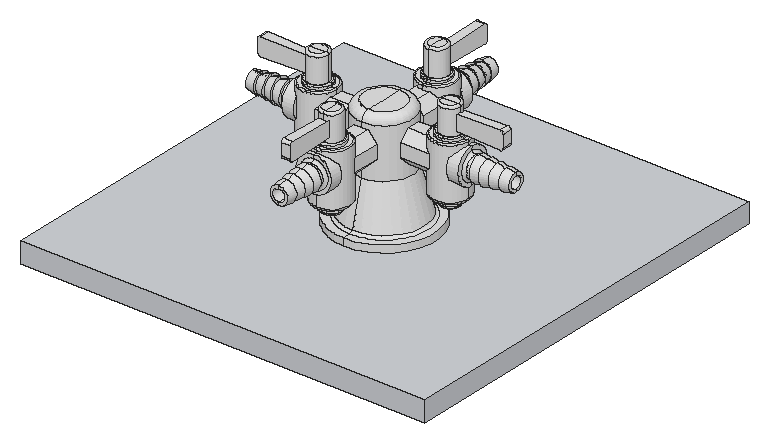
Revit family
Parameters (values of type "TG42C")
  WELSRating_ANZRS = ""
  URL = "www.galvinengineering.com.au"
  Type Comments = "Recommended Working Pressure 1 to 3 kPa (AS 5601)"
  StyleOrType_ANZRS = "Plumbing Fixture"
  PlumbingMaterial_ANZRS = Metal_Taps_DR-Brass-with-Chrome-Finish_10800
  Outlet = "Straight Turret"
  ModifiedIssue_ANZRS = 20120407.01  # constant formula
  Model = "TG42C"
  MinimumTemperature = 0 °C
  MinimumPressure = 0.00 kPa
  MaximumTemperature = 60 °C
  MaximumPressure = 7.00 kPa
  Manufacturer = "Galvin Engineering"
  Keynote = "10800"
  Instructions = "http://www.galvinengineering.com.au/Installation_Guides_1.aspx"
  Inlet = "15 BSP Male (15mm BSP female inlet available on request)"
  FlowRate = 0.023 m³/h
  FilterObject_ANZRS = "TG42"
  Description = "CP Lab 4-Way Straight Turret Type 42"
  Default Elevation = 900 mm
  CreatedBy_ANZRS = "Galvin Engineering"
  CreatedByURL_ANZRS = "www.galvinengineering.com.au"
  CreatedByPhoneNo_ANZRS = "61-8-92495900"
  Circulation_ANZRS = yes
  Assembly Code = "D2090100"
Reference planes
  plane 1 "Center (Front/Back)": y = 0
  plane 2 "Face": z = 0
  plane 3 "Center (Left/Right)": x = 0
Forms (mm)
  Extrusion 1, solid
    sketch origin (0, -919.2, 0) x (1, 0, 0) y (0, 1, 0)
      loop
        line (-100, 1019.2) -> (-100, 819.2) -> (100, 819.2) -> (100, 1019.2) -> (-100, 1019.2)
    from 0 to -10
  Revolve 2, solid, material "Metal_Taps_DR-Brass-with-Chrome-Finish_10800" <- "PlumbingMaterial_ANZRS"
    sketch origin (0, 0, 0) x (0, -1, 0) y (0, 0, 1)
      loop
        line (-13.85, 25.5) -> (-19.692, 4.793)
        arc (-19.692, 4.793) -> (-20.23, 4.004) -> (-21.135, 3.7) r 1.5
        line (-21.135, 3.7) -> (-25, 3.7) -> (-25, 0) -> (0, 0) -> (0, 54) -> (-9.85, 54)
        arc (-9.85, 54) -> (-12.678, 52.828) -> (-13.85, 50) r 4
        line (-13.85, 50) -> (-13.85, 25.5)
      axis (0, 54) -> (0, 0)
    angle from 0 to 360
  Extrusion 3, solid, material "Metal_Taps_DR-Brass-with-Chrome-Finish_10800" <- "PlumbingMaterial_ANZRS"
    sketch origin (0, 0, 0) x (1, 0, 0) y (0, 0, 1)
      loop
        circle (0, 40.019) r 4.85
    from 11.787 to 14.646
  Extrusion 4, solid, material "Metal_Taps_DR-Brass-with-Chrome-Finish_10800" <- "PlumbingMaterial_ANZRS"
    sketch origin (0, 0, 0) x (0, 1, 0) y (0, 0, 1)
      loop
        circle (0, 40.019) r 4.85
    from 11.787 to 14.646
  Revolve 5, solid, material "Metal_Taps_DR-Brass-with-Chrome-Finish_10800"
    sketch origin (0, -0.004, 0) x (0, -1, 0) y (0, 0, 1)
      loop
        line (36.646, 65) -> (32.646, 65) -> (32.646, 24.019) -> (41.146, 24.019)
        arc (41.146, 24.019) -> (41.5, 24.165) -> (41.646, 24.519) r 0.5
        line (41.646, 24.519) -> (41.646, 50.019)
        arc (41.646, 50.019) -> (41.5, 50.372) -> (41.146, 50.519) r 0.5
        line (41.146, 50.519) -> (39.146, 50.519) -> (39.146, 51.519)
        arc (39.146, 51.519) -> (39, 51.872) -> (38.646, 52.019) r 0.5
        line (38.646, 52.019) -> (37.646, 52.019) -> (37.646, 64)
        arc (37.646, 64) -> (37.353, 64.707) -> (36.646, 65) r 1
      loop
        line (32.646, 19.519) -> (36.646, 19.519)
        arc (36.646, 19.519) -> (37, 19.665) -> (37.146, 20.019) r 0.5
        line (37.146, 20.019) -> (37.146, 21.269) -> (32.646, 21.269) -> (32.646, 19.519)
      axis (32.646, 65) -> (32.646, 19.519)
    angle from 0 to 360
  Extrusion 6, solid, material "Metal_Taps_DR-Brass-with-Chrome-Finish_10800"
    sketch origin (0, -0.004, -56.863) x (1, 0, 0) y (0, 0, 1)
      loop
        line (-8, 93.568) -> (-3.314, 88.882) -> (3.314, 88.882) -> (8, 93.568) -> (8, 100.196) -> (3.314, 104.882) -> (-3.314, 104.882) -> (-8, 100.196) -> (-8, 93.568)
    from 14.646 to 32.646
  Extrusion 7, solid, material "Metal_Taps_DR-Brass-with-Chrome-Finish_10800"
    sketch origin (0, 80.909, 0) x (0, -1, 0) y (1, 0, 0)
      loop
        line (111.178, -5.75) -> (115.941, -5.75) -> (119.309, -2.382) -> (119.309, 2.382) -> (115.941, 5.75) -> (111.178, 5.75) -> (107.809, 2.382) -> (107.809, -2.382) -> (111.178, -5.75)
    from 21.269 to 24.019
  Revolve 8, solid, material "Metal_Taps_DR-Brass-with-Chrome-Finish_10800"
    sketch origin (0, -0.004, 0) x (0, -1, 0) y (0, 0, 1)
      loop
        line (43.5, 48.769) -> (37.728, 48.769) -> (37.728, 40.019) -> (47, 40.019) -> (47, 43.019) -> (65, 43.019) -> (65, 44.319) -> (60.5, 45.019) -> (60.5, 44.219) -> (56, 45.519) -> (56, 44.719) -> (51.5, 46.019) -> (51.5, 45.219) -> (47, 46.219) -> (47, 45.419) -> (45, 45.419)
        arc (45, 45.419) -> (43.939, 45.858) -> (43.5, 46.919) r 1.5
        line (43.5, 46.919) -> (43.5, 48.769)
      axis (65, 40.019) -> (37.728, 40.019)
    angle from 0 to 360
  Extrusion 9, solid, material "Metal_Taps_DR-Brass-with-Chrome-Finish_10800"
    sketch origin (0, -0.004, 0) x (0, -1, 0) y (0, 0, 1)
      loop
        line (32.646, 61.44) -> (32.646, 54.079) -> (59.103, 53.313)
        arc (59.103, 53.313) -> (60.191, 53.737) -> (60.646, 54.813) r 1.5
        line (60.646, 54.813) -> (60.646, 60.706)
        arc (60.646, 60.706) -> (60.191, 61.782) -> (59.103, 62.205) r 1.5
        line (59.103, 62.205) -> (32.646, 61.44)
    from -2.248 to 2.252
  Revolve 10, solid, material "Metal_Taps_DR-Brass-with-Chrome-Finish_10800"
    sketch origin (-0.004, 0, 0) x (-1, 0, 0) y (0, 0, 1)
      loop
        line (36.646, 65) -> (32.646, 65) -> (32.646, 24.019) -> (41.146, 24.019)
        arc (41.146, 24.019) -> (41.5, 24.165) -> (41.646, 24.519) r 0.5
        line (41.646, 24.519) -> (41.646, 50.019)
        arc (41.646, 50.019) -> (41.5, 50.372) -> (41.146, 50.519) r 0.5
        line (41.146, 50.519) -> (39.146, 50.519) -> (39.146, 51.519)
        arc (39.146, 51.519) -> (39, 51.872) -> (38.646, 52.019) r 0.5
        line (38.646, 52.019) -> (37.646, 52.019) -> (37.646, 64)
        arc (37.646, 64) -> (37.353, 64.707) -> (36.646, 65) r 1
      loop
        line (32.646, 19.519) -> (36.646, 19.519)
        arc (36.646, 19.519) -> (37, 19.665) -> (37.146, 20.019) r 0.5
        line (37.146, 20.019) -> (37.146, 21.269) -> (32.646, 21.269) -> (32.646, 19.519)
      axis (32.646, 65) -> (32.646, 19.519)
    angle from 0 to 360
  Extrusion 11, solid, material "Metal_Taps_DR-Brass-with-Chrome-Finish_10800"
    sketch origin (-0.004, 0, -56.863) x (0, -1, 0) y (0, 0, 1)
      loop
        line (-8, 93.568) -> (-3.314, 88.882) -> (3.314, 88.882) -> (8, 93.568) -> (8, 100.196) -> (3.314, 104.882) -> (-3.314, 104.882) -> (-8, 100.196) -> (-8, 93.568)
    from 14.646 to 32.646
  Extrusion 12, solid, material "Metal_Taps_DR-Brass-with-Chrome-Finish_10800"
    sketch origin (80.909, 0, 0) x (-1, 0, 0) y (0, -1, 0)
      loop
        line (111.178, -5.75) -> (115.941, -5.75) -> (119.309, -2.382) -> (119.309, 2.382) -> (115.941, 5.75) -> (111.178, 5.75) -> (107.809, 2.382) -> (107.809, -2.382) -> (111.178, -5.75)
    from 21.269 to 24.019
  Revolve 13, solid, material "Metal_Taps_DR-Brass-with-Chrome-Finish_10800"
    sketch origin (-0.004, 0, 0) x (-1, 0, 0) y (0, 0, 1)
      loop
        line (43.5, 48.769) -> (37.728, 48.769) -> (37.728, 40.019) -> (47, 40.019) -> (47, 43.019) -> (65, 43.019) -> (65, 44.319) -> (60.5, 45.019) -> (60.5, 44.219) -> (56, 45.519) -> (56, 44.719) -> (51.5, 46.019) -> (51.5, 45.219) -> (47, 46.219) -> (47, 45.419) -> (45, 45.419)
        arc (45, 45.419) -> (43.939, 45.858) -> (43.5, 46.919) r 1.5
        line (43.5, 46.919) -> (43.5, 48.769)
      axis (65, 40.019) -> (37.728, 40.019)
    angle from 0 to 360
  Extrusion 14, solid, material "Metal_Taps_DR-Brass-with-Chrome-Finish_10800"
    sketch origin (-0.004, 0, 0) x (-1, 0, 0) y (0, 0, 1)
      loop
        line (32.646, 61.44) -> (32.646, 54.079) -> (59.103, 53.313)
        arc (59.103, 53.313) -> (60.191, 53.737) -> (60.646, 54.813) r 1.5
        line (60.646, 54.813) -> (60.646, 60.706)
        arc (60.646, 60.706) -> (60.191, 61.782) -> (59.103, 62.205) r 1.5
        line (59.103, 62.205) -> (32.646, 61.44)
    from -2.248 to 2.252
  Revolve 15, solid, material "Metal_Taps_DR-Brass-with-Chrome-Finish_10800"
    sketch origin (0.004, 0, 0) x (1, 0, 0) y (0, 0, 1)
      loop
        line (36.646, 65) -> (32.646, 65) -> (32.646, 24.019) -> (41.146, 24.019)
        arc (41.146, 24.019) -> (41.5, 24.165) -> (41.646, 24.519) r 0.5
        line (41.646, 24.519) -> (41.646, 50.019)
        arc (41.646, 50.019) -> (41.5, 50.372) -> (41.146, 50.519) r 0.5
        line (41.146, 50.519) -> (39.146, 50.519) -> (39.146, 51.519)
        arc (39.146, 51.519) -> (39, 51.872) -> (38.646, 52.019) r 0.5
        line (38.646, 52.019) -> (37.646, 52.019) -> (37.646, 64)
        arc (37.646, 64) -> (37.353, 64.707) -> (36.646, 65) r 1
      loop
        line (32.646, 19.519) -> (36.646, 19.519)
        arc (36.646, 19.519) -> (37, 19.665) -> (37.146, 20.019) r 0.5
        line (37.146, 20.019) -> (37.146, 21.269) -> (32.646, 21.269) -> (32.646, 19.519)
      axis (32.646, 65) -> (32.646, 19.519)
    angle from 0 to 360
  Extrusion 16, solid, material "Metal_Taps_DR-Brass-with-Chrome-Finish_10800"
    sketch origin (0.004, 0, -56.863) x (0, 1, 0) y (0, 0, 1)
      loop
        line (8, 93.568) -> (8, 100.196) -> (3.314, 104.882) -> (-3.314, 104.882) -> (-8, 100.196) -> (-8, 93.568) -> (-3.314, 88.882) -> (3.314, 88.882) -> (8, 93.568)
    from 14.646 to 32.646
  Extrusion 17, solid, material "Metal_Taps_DR-Brass-with-Chrome-Finish_10800"
    sketch origin (-80.909, 0, 0) x (1, 0, 0) y (0, 1, 0)
      loop
        line (111.178, 5.75) -> (107.809, 2.382) -> (107.809, -2.382) -> (111.178, -5.75) -> (115.941, -5.75) -> (119.309, -2.382) -> (119.309, 2.382) -> (115.941, 5.75) -> (111.178, 5.75)
    from 21.269 to 24.019
  Revolve 18, solid, material "Metal_Taps_DR-Brass-with-Chrome-Finish_10800"
    sketch origin (0.004, 0, 0) x (1, 0, 0) y (0, 0, 1)
      loop
        line (43.5, 48.769) -> (37.728, 48.769) -> (37.728, 40.019) -> (47, 40.019) -> (47, 43.019) -> (65, 43.019) -> (65, 44.319) -> (60.5, 45.019) -> (60.5, 44.219) -> (56, 45.519) -> (56, 44.719) -> (51.5, 46.019) -> (51.5, 45.219) -> (47, 46.219) -> (47, 45.419) -> (45, 45.419)
        arc (45, 45.419) -> (43.939, 45.858) -> (43.5, 46.919) r 1.5
        line (43.5, 46.919) -> (43.5, 48.769)
      axis (65, 40.019) -> (37.728, 40.019)
    angle from 0 to 360
  Extrusion 19, solid, material "Metal_Taps_DR-Brass-with-Chrome-Finish_10800"
    sketch origin (0.004, 0, 0) x (1, 0, 0) y (0, 0, 1)
      loop
        line (32.646, 61.44) -> (32.646, 54.079) -> (59.103, 53.313)
        arc (59.103, 53.313) -> (60.191, 53.737) -> (60.646, 54.813) r 1.5
        line (60.646, 54.813) -> (60.646, 60.706)
        arc (60.646, 60.706) -> (60.191, 61.782) -> (59.103, 62.205) r 1.5
        line (59.103, 62.205) -> (32.646, 61.44)
    from -2.248 to 2.252
  Extrusion 20, solid, material "Metal_Taps_DR-Brass-with-Chrome-Finish_10800" <- "PlumbingMaterial_ANZRS"
    sketch origin (0, 0, 0) x (1, 0, 0) y (0, 0, -1)
      loop
        circle (0, -40.019) r 4.85
    from 11.787 to 14.646
  Revolve 21, solid, material "Metal_Taps_DR-Brass-with-Chrome-Finish_10800"
    sketch origin (0, 0.004, 0) x (0, 1, 0) y (0, 0, -1)
      loop
        arc (36.646, -65) -> (37.353, -64.707) -> (37.646, -64) r 1
        line (37.646, -64) -> (37.646, -52.019) -> (38.646, -52.019)
        arc (38.646, -52.019) -> (39, -51.872) -> (39.146, -51.519) r 0.5
        line (39.146, -51.519) -> (39.146, -50.519) -> (41.146, -50.519)
        arc (41.146, -50.519) -> (41.5, -50.372) -> (41.646, -50.019) r 0.5
        line (41.646, -50.019) -> (41.646, -24.519)
        arc (41.646, -24.519) -> (41.5, -24.165) -> (41.146, -24.019) r 0.5
        line (41.146, -24.019) -> (32.646, -24.019) -> (32.646, -65) -> (36.646, -65)
      loop
        line (32.646, -19.519) -> (32.646, -21.269) -> (37.146, -21.269) -> (37.146, -20.019)
        arc (37.146, -20.019) -> (37, -19.665) -> (36.646, -19.519) r 0.5
        line (36.646, -19.519) -> (32.646, -19.519)
      axis (32.646, -65) -> (32.646, -19.519)
    angle from 0 to 360
  Extrusion 22, solid, material "Metal_Taps_DR-Brass-with-Chrome-Finish_10800"
    sketch origin (0, 0.004, -56.863) x (1, 0, 0) y (0, 0, -1)
      loop
        line (-8, -93.568) -> (-8, -100.196) -> (-3.314, -104.882) -> (3.314, -104.882) -> (8, -100.196) -> (8, -93.568) -> (3.314, -88.882) -> (-3.314, -88.882) -> (-8, -93.568)
    from 14.646 to 32.646
  Extrusion 23, solid, material "Metal_Taps_DR-Brass-with-Chrome-Finish_10800"
    sketch origin (0, -80.909, 0) x (0, 1, 0) y (-1, 0, 0)
      loop
        line (111.178, 5.75) -> (107.809, 2.382) -> (107.809, -2.382) -> (111.178, -5.75) -> (115.941, -5.75) -> (119.309, -2.382) -> (119.309, 2.382) -> (115.941, 5.75) -> (111.178, 5.75)
    from 21.269 to 24.019
  Revolve 24, solid, material "Metal_Taps_DR-Brass-with-Chrome-Finish_10800"
    sketch origin (0, 0.004, 0) x (0, 1, 0) y (0, 0, -1)
      loop
        line (43.5, -48.769) -> (43.5, -46.919)
        arc (43.5, -46.919) -> (43.939, -45.858) -> (45, -45.419) r 1.5
        line (45, -45.419) -> (47, -45.419) -> (47, -46.219) -> (51.5, -45.219) -> (51.5, -46.019) -> (56, -44.719) -> (56, -45.519) -> (60.5, -44.219) -> (60.5, -45.019) -> (65, -44.319) -> (65, -43.019) -> (47, -43.019) -> (47, -40.019) -> (37.728, -40.019) -> (37.728, -48.769) -> (43.5, -48.769)
      axis (65, -40.019) -> (37.728, -40.019)
    angle from 0 to 360
  Extrusion 25, solid, material "Metal_Taps_DR-Brass-with-Chrome-Finish_10800"
    sketch origin (0, 0.004, 0) x (0, 1, 0) y (0, 0, -1)
      loop
        line (32.646, -61.44) -> (59.103, -62.205)
        arc (59.103, -62.205) -> (60.191, -61.782) -> (60.646, -60.706) r 1.5
        line (60.646, -60.706) -> (60.646, -54.813)
        arc (60.646, -54.813) -> (60.191, -53.737) -> (59.103, -53.313) r 1.5
        line (59.103, -53.313) -> (32.646, -54.079) -> (32.646, -61.44)
    from -2.248 to 2.252
Cuts and joins
  joined: Revolve 2, Extrusion 3, Extrusion 4
  joined: Revolve 10, Extrusion 11, Revolve 13, Extrusion 14
  joined: Revolve 5, Extrusion 6, Revolve 8, Extrusion 9
  joined: Revolve 15, Extrusion 16, Revolve 18, Extrusion 19
  joined: Revolve 21, Extrusion 22, Revolve 24, Extrusion 25
Lines and regions (mm)
  symbolic lines, style "Taps/Mixers"
    curve 1: arc (0, 21.135, 3.7) -> (0, 20.23, 4.004) -> (0, 19.692, 4.793) r 1.5
    curve 2: arc (0, -19.692, 4.793) -> (0, -20.23, 4.004) -> (0, -21.135, 3.7) r 1.5
    curve 3: arc (0, -13.85, 50) -> (0, -12.678, 52.828) -> (0, -9.85, 54) r 4
    curve 4: arc (0, 9.85, 54) -> (0, 12.678, 52.828) -> (0, 13.85, 50) r 4
    curve 5: line (0, -19.692, 4.793) -> (0, -13.85, 25.5)
    curve 6: line (0, -13.85, 25.5) -> (0, -9.043, 25.5)
    curve 7: line (0, 19.692, 4.793) -> (0, 13.85, 25.5)
    curve 8: line (0, -25, 3.7) -> (0, -25, 0)
    curve 9: line (0, 25, 0) -> (0, 25, 3.7)
    curve 10: line (0, 25, 3.7) -> (0, -25, 3.7)
    curve 11: line (0, 13.85, 25.5) -> (0, 13.85, 50)
    curve 12: line (0, -13.85, 25.5) -> (0, -13.85, 50)
    curve 13: line (0, 9.85, 54) -> (0, 5.006, 54)
    curve 14: line (0, -25, 0) -> (0, 25, 0)
    curve 15: arc (8, -18.581, 0) -> (14.305, -14.305, 0) -> (18.581, -8, 0) r 20.23
    curve 16: circle (0, 0, 0) r 13.85 normal (0, 0, 1)
    curve 17: arc (8, -24.213, 0) -> (18.031, -18.031, 0) -> (24.213, -8, 0) r 25.5
    curve 18: arc (-21.135, 0, 3.7) -> (-20.23, 0, 4.004) -> (-19.692, 0, 4.793) r 1.5
    curve 19: arc (19.692, 0, 4.793) -> (20.23, 0, 4.004) -> (21.135, 0, 3.7) r 1.5
    curve 20: arc (13.85, 0, 50) -> (12.678, 0, 52.828) -> (9.85, 0, 54) r 4
    curve 21: arc (-9.85, 0, 54) -> (-12.678, 0, 52.828) -> (-13.85, 0, 50) r 4
    curve 22: line (19.692, 0, 4.793) -> (13.85, 0, 25.5)
    curve 23: line (-19.692, 0, 4.793) -> (-13.85, 0, 25.5)
    curve 24: line (25, 0, 3.7) -> (25, 0, 0)
    curve 25: line (-25, 0, 0) -> (-25, 0, 3.7)
    curve 26: line (-25, 0, 3.7) -> (25, 0, 3.7)
    curve 27: line (-13.85, 0, 25.5) -> (-13.85, 0, 50)
    curve 28: line (13.85, 0, 25.5) -> (13.85, 0, 50)
    curve 29: line (-9.85, 0, 54) -> (-5.002, 0, 54)
    curve 30: line (25, 0, 0) -> (-25, 0, 0)
    curve 31: line (13.85, 0, 25.5) -> (9, 0, 25.5)
    curve 32: line (0, -14.646, 35.155) -> (0, -13.85, 35.155)
    curve 33: line (0, -13.85, 44.883) -> (0, -14.646, 44.883)
    curve 34: line (-4.85, -14.65, 0) -> (-4.85, -12.973, 0)
    curve 35: line (4.85, -14.65, 0) -> (4.85, -12.973, 0)
    curve 36: line (-9.01, 0, 25.5) -> (-13.85, 0, 25.5)
    curve 37: line (4.995, 0, 54) -> (9.85, 0, 54)
    curve 38: line (14.65, -4.85, 0) -> (12.973, -4.85, 0)
    curve 39: line (14.65, 4.85, 0) -> (12.973, 4.85, 0)
    curve 40: arc (24.213, 8, 0) -> (18.031, 18.031, 0) -> (8, 24.213, 0) r 25.5
    curve 41: line (14.646, 0, 44.869) -> (13.85, 0, 44.869)
    curve 42: line (14.646, 0, 35.169) -> (13.85, 0, 35.169)
    curve 43: arc (-24.183, -8.09, 0) -> (-17.998, -18.065, 0) -> (-8, -24.213, 0) r 25.5
    curve 44: line (0, 9.03, 25.5) -> (0, 13.85, 25.5)
    curve 45: line (0, -4.988, 54) -> (0, -9.85, 54)
    curve 46: arc (0, -28.65, 65) -> (0, -27.943, 64.707) -> (0, -27.65, 64) r 1
    curve 47: arc (0, -28.15, 20.019) -> (0, -28.296, 19.665) -> (0, -28.65, 19.519) r 0.5
    curve 48: arc (0, -26.9, 21.769) -> (0, -28.525, 21.269) -> (0, -30.15, 21.769) r 2.89
    curve 49: arc (0, -23.65, 48.019) -> (0, -25.022, 45.384) -> (0, -27.107, 43.269) r 10
    curve 50: arc (0, -27.4, 24.519) -> (0, -27.546, 24.165) -> (0, -27.9, 24.019) r 0.5
    curve 51: arc (0, -23.65, 29.519) -> (0, -23.796, 29.165) -> (0, -24.15, 29.019) r 0.5
    curve 52: arc (0, -27.092, 36.78) -> (0, -25.013, 34.658) -> (0, -23.65, 32.019) r 10
    curve 53: arc (0, -27.4, 28.519) -> (0, -27.254, 28.872) -> (0, -26.9, 29.019) r 0.5
    curve 54: arc (0, -24.15, 50.519) -> (0, -23.796, 50.372) -> (0, -23.65, 50.019) r 0.5
    curve 55: arc (0, -26.65, 52.019) -> (0, -26.296, 51.872) -> (0, -26.15, 51.519) r 0.5
    curve 56: arc (0, -41.65, 48.769) -> (0, -37.732, 40.019) -> (0, -41.65, 31.269) r 11.73
    curve 57: arc (0, -36.65, 19.519) -> (0, -37.004, 19.665) -> (0, -37.15, 20.019) r 0.5
    curve 58: arc (0, -35.15, 21.769) -> (0, -36.775, 21.269) -> (0, -38.4, 21.769) r 2.89
    curve 59: arc (0, -30.15, 21.769) -> (0, -32.65, 21.269) -> (0, -35.15, 21.769) r 6.5
    curve 60: arc (0, -41.15, 24.019) -> (0, -41.504, 24.165) -> (0, -41.65, 24.519) r 0.5
    curve 61: arc (0, -45.004, 34.419) -> (0, -43.943, 33.979) -> (0, -43.504, 32.919) r 1.5
    curve 62: arc (0, -43.004, 31.269) -> (0, -43.357, 31.415) -> (0, -43.504, 31.769) r 0.5
    curve 63: arc (0, -37.65, 64) -> (0, -37.357, 64.707) -> (0, -36.65, 65) r 1
    curve 64: arc (0, -41.65, 50.019) -> (0, -41.504, 50.372) -> (0, -41.15, 50.519) r 0.5
    curve 65: arc (0, -39.15, 51.519) -> (0, -39.004, 51.872) -> (0, -38.65, 52.019) r 0.5
    curve 66: arc (0, -43.504, 47.119) -> (0, -43.943, 46.058) -> (0, -45.004, 45.619) r 1.5
    curve 67: arc (0, -59.107, 53.313) -> (0, -60.195, 53.737) -> (0, -60.65, 54.813) r 1.5
    curve 68: arc (0, -60.65, 60.706) -> (0, -60.195, 61.782) -> (0, -59.107, 62.205) r 1.5
    curve 69: line (0, -23.65, 50.019) -> (0, -23.65, 48.019)
    curve 70: line (0, -23.65, 48.019) -> (0, -14.65, 48.019)
    curve 71: line (0, -14.65, 48.019) -> (0, -14.65, 32.019)
    curve 72: line (0, -14.65, 32.019) -> (0, -23.65, 32.019)
    curve 73: line (0, -23.65, 29.519) -> (0, -23.65, 32.019)
    curve 74: line (0, -14.65, 36.769) -> (0, -27.107, 36.769)
    curve 75: line (0, -27.107, 36.769) -> (0, -27.107, 43.269)
    curve 76: line (0, -27.107, 43.269) -> (0, -14.65, 43.269)
    curve 77: line (0, -60.504, 45.019) -> (0, -60.504, 35.019)
    curve 78: line (0, -60.504, 35.019) -> (0, -65.004, 35.681)
    curve 79: line (0, -60.504, 45.019) -> (0, -65.004, 44.319)
    curve 80: line (0, -65.004, 44.319) -> (0, -65.004, 35.681)
    curve 81: line (0, -24.15, 50.519) -> (0, -41.15, 50.519)
    curve 82: line (0, -26.65, 52.019) -> (0, -38.65, 52.019)
    curve 83: line (0, -28.15, 21.269) -> (0, -37.15, 21.269)
    curve 84: line (0, -37.15, 21.269) -> (0, -37.15, 20.019)
    curve 85: line (0, -41.15, 24.019) -> (0, -27.9, 24.019)
    curve 86: line (0, -27.4, 24.519) -> (0, -27.4, 28.519)
    curve 87: line (0, -26.9, 25.519) -> (0, -26.9, 21.769)
    curve 88: line (0, -28.15, 20.019) -> (0, -28.15, 21.269)
    curve 89: line (0, -26.9, 29.019) -> (0, -24.15, 29.019)
    curve 90: line (0, -27.65, 64) -> (0, -27.65, 52.019)
    curve 91: line (0, -26.15, 51.519) -> (0, -26.15, 50.519)
    curve 92: line (0, -37.65, 53.934) -> (0, -59.107, 53.313)
    curve 93: line (0, -37.65, 61.585) -> (0, -59.107, 62.205)
    curve 94: line (0, -47.004, 45.619) -> (0, -45.004, 45.619)
    curve 95: line (0, -47.004, 34.419) -> (0, -45.004, 34.419)
    curve 96: line (0, -43.504, 48.269) -> (0, -43.504, 31.769)
    curve 97: line (0, -36.65, 19.519) -> (0, -28.65, 19.519)
    curve 98: line (0, -30.15, 21.769) -> (0, -30.15, 24.019)
    curve 99: line (0, -35.15, 24.019) -> (0, -35.15, 21.769)
    curve 100: line (0, -43.004, 31.269) -> (0, -41.65, 31.269)
    curve 101: line (0, -41.65, 31.269) -> (0, -41.65, 24.519)
    curve 102: line (0, -38.4, 21.769) -> (0, -38.4, 24.019)
    curve 103: line (0, -28.65, 65) -> (0, -36.65, 65)
    curve 104: line (0, -37.65, 64) -> (0, -37.65, 52.019)
    curve 105: line (0, -39.15, 51.519) -> (0, -39.15, 50.519)
    curve 106: line (0, -41.65, 50.019) -> (0, -41.65, 48.769)
    curve 107: line (0, -41.65, 48.769) -> (0, -43.004, 48.769)
    curve 108: line (0, -51.504, 34.019) -> (0, -51.504, 46.019)
    curve 109: line (0, -51.504, 46.019) -> (0, -56.004, 45.019)
    curve 110: line (0, -56.004, 34.519) -> (0, -56.004, 45.519)
    curve 111: line (0, -56.004, 45.519) -> (0, -60.504, 44.519)
    curve 112: line (0, -47.004, 46.219) -> (0, -47.004, 33.819)
    curve 113: line (0, -47.004, 33.819) -> (0, -51.504, 34.819)
    curve 114: line (0, -56.004, 35.019) -> (0, -51.504, 34.019)
    curve 115: line (0, -60.504, 35.519) -> (0, -56.004, 34.519)
    curve 116: line (0, -51.504, 45.219) -> (0, -47.004, 46.219)
    curve 117: line (0, -60.65, 60.706) -> (0, -60.65, 54.813)
    curve 118: arc (0, -43.004, 48.769) -> (0, -43.357, 48.622) -> (0, -43.504, 48.269) r 0.5
    curve 119: line (0, -26.9, 25.519) -> (0, -27.4, 25.519)
    curve 120: arc (-5.602, -45.004, 0) -> (-5.989, -44.109, 0) -> (-6.752, -43.504, 0) r 2
    curve 121: arc (2.25, -41.364, 0) -> (0, -23.65, 0) -> (-2.25, -41.364, 0) r 9
    curve 122: circle (-0.002, -32.65, 0) r 5 normal (0, 0, 1)
    curve 124: arc (6.748, -43.504, 0) -> (5.984, -44.109, 0) -> (5.598, -45.004, 0) r 2
    curve 125: arc (1.25, -60.67, 0) -> (1.957, -60.377, 0) -> (2.25, -59.67, 0) r 1
    curve 126: arc (-2.25, -59.67, 0) -> (-1.957, -60.377, 0) -> (-1.25, -60.67, 0) r 1
    curve 127: line (-2.25, -43.504, 0) -> (-6.752, -43.504, 0)
    curve 128: line (-6.752, -43.504, 0) -> (-6.752, -38.6, 0)
    curve 129: line (-8, -28.527, 0) -> (-8, -14.65, 0)
    curve 130: line (-8, -14.65, 0) -> (8, -14.65, 0)
    curve 131: line (8, -14.65, 0) -> (8, -28.527, 0)
    curve 132: line (-2.25, -47.004, 0) -> (-6.202, -47.004, 0)
    curve 133: line (-6.202, -47.004, 0) -> (-5.202, -51.504, 0)
    curve 134: line (2.25, -47.004, 0) -> (6.198, -47.004, 0)
    curve 135: line (6.198, -47.004, 0) -> (5.198, -51.504, 0)
    curve 136: line (2.25, -59.67, 0) -> (2.25, -37.114, 0)
    curve 137: line (-2.25, -59.67, 0) -> (-2.25, -37.116, 0)
    curve 138: line (-3.25, -24.257, 0) -> (-3.25, -14.65, 0)
    curve 139: line (3.25, -24.257, 0) -> (3.25, -14.65, 0)
    curve 140: line (-5.602, -45.004, 0) -> (-5.602, -47.004, 0)
    curve 141: line (6.748, -38.606, 0) -> (6.748, -43.504, 0)
    curve 142: line (6.748, -43.504, 0) -> (2.25, -43.504, 0)
    curve 143: line (5.598, -45.004, 0) -> (5.598, -47.004, 0)
    curve 144: line (-2.25, -51.504, 0) -> (-6.002, -51.504, 0)
    curve 145: line (-6.002, -51.504, 0) -> (-5.002, -56.004, 0)
    curve 146: line (-2.25, -56.004, 0) -> (-5.502, -56.004, 0)
    curve 147: line (-5.502, -56.004, 0) -> (-4.502, -60.504, 0)
    curve 148: line (-1.25, -60.67, 0) -> (1.25, -60.67, 0)
    curve 149: line (2.25, -51.504, 0) -> (5.998, -51.504, 0)
    curve 150: line (5.998, -51.504, 0) -> (4.998, -56.004, 0)
    curve 151: line (2.25, -56.004, 0) -> (5.498, -56.004, 0)
    curve 152: line (5.498, -56.004, 0) -> (4.498, -60.504, 0)
    curve 153: line (-5.002, -60.504, 0) -> (4.998, -60.504, 0)
    curve 154: line (4.998, -60.504, 0) -> (4.367, -64.559, 0)
    curve 155: line (3.848, -65.004, 0) -> (-3.872, -65.004, 0)
    curve 156: line (-4.368, -64.579, 0) -> (-5.002, -60.504, 0)
    curve 157: arc (-3.872, -65.004, 0) -> (-4.199, -64.883, 0) -> (-4.368, -64.579, 0) r 0.502
    curve 158: arc (4.367, -64.559, 0) -> (4.189, -64.878, 0) -> (3.848, -65.004, 0) r 0.525
    curve 159: arc (-4, -14.65, 65.019) -> (-4.707, -14.65, 64.726) -> (-5, -14.65, 64.019) r 1
    curve 160: arc (-4.5, -14.65, 20.038) -> (-4.354, -14.65, 19.684) -> (-4, -14.65, 19.538) r 0.5
    curve 161: arc (-5.75, -14.65, 21.788) -> (-4.125, -14.65, 21.287) -> (-2.5, -14.65, 21.788) r 2.89
    curve 162: arc (-8.5, -14.65, 50.538) -> (-8.854, -14.65, 50.391) -> (-9, -14.65, 50.038) r 0.5
    curve 163: arc (-6, -14.65, 52.038) -> (-6.354, -14.65, 51.891) -> (-6.5, -14.65, 51.538) r 0.5
    curve 164: arc (4, -14.65, 19.538) -> (4.354, -14.65, 19.684) -> (4.5, -14.65, 20.038) r 0.5
    curve 165: arc (2.5, -14.65, 21.788) -> (4.125, -14.65, 21.287) -> (5.75, -14.65, 21.788) r 2.89
    curve 166: arc (-2.5, -14.65, 21.788) -> (0, -14.65, 21.288) -> (2.5, -14.65, 21.788) r 6.5
    curve 167: arc (8.5, -14.65, 24.038) -> (8.854, -14.65, 24.184) -> (9, -14.65, 24.538) r 0.5
    curve 168: arc (5, -14.65, 64.019) -> (4.707, -14.65, 64.726) -> (4, -14.65, 65.019) r 1
    curve 169: arc (9, -14.65, 50.038) -> (8.854, -14.65, 50.391) -> (8.5, -14.65, 50.538) r 0.5
    curve 170: arc (6.5, -14.65, 51.538) -> (6.354, -14.65, 51.891) -> (6, -14.65, 52.038) r 0.5
    curve 171: line (-9, -14.65, 24.538) -> (-9, -14.65, 50.038)
    curve 172: line (-8.5, -14.65, 50.538) -> (8.5, -14.65, 50.538)
    curve 173: line (-6, -14.65, 52.038) -> (6, -14.65, 52.038)
    curve 174: line (-4.5, -14.65, 21.288) -> (4.5, -14.65, 21.288)
    curve 175: line (4.5, -14.65, 21.288) -> (4.5, -14.65, 20.038)
    curve 176: line (8.5, -14.65, 24.038) -> (-8.5, -14.65, 24.038)
    curve 177: line (-5.75, -14.65, 24.038) -> (-5.75, -14.65, 21.788)
    curve 178: line (-4.5, -14.65, 20.038) -> (-4.5, -14.65, 21.288)
    curve 179: line (-5, -14.65, 64.019) -> (-5, -14.65, 52.038)
    curve 180: line (-6.5, -14.65, 51.538) -> (-6.5, -14.65, 50.538)
    curve 181: line (4, -14.65, 19.538) -> (-4, -14.65, 19.538)
    curve 182: line (-2.5, -14.65, 21.788) -> (-2.5, -14.65, 24.038)
    curve 183: line (2.5, -14.65, 24.038) -> (2.5, -14.65, 21.788)
    curve 184: line (9, -14.65, 50.038) -> (9, -14.65, 24.538)
    curve 185: line (5.75, -14.65, 21.788) -> (5.75, -14.65, 24.038)
    curve 186: line (-4, -14.65, 65.019) -> (4, -14.65, 65.019)
    curve 187: line (5, -14.65, 64.019) -> (5, -14.65, 52.038)
    curve 188: line (6.5, -14.65, 51.538) -> (6.5, -14.65, 50.538)
    curve 189: arc (-8.5, -14.65, 24.038) -> (-8.854, -14.65, 24.184) -> (-9, -14.65, 24.538) r 0.5
    curve 190: line (-2.252, -14.65, 63.225) -> (-2.252, -14.65, 53.832)
    curve 191: line (2.248, -14.65, 53.832) -> (2.248, -14.65, 63.225)
    curve 192: line (-1.752, -14.65, 63.725) -> (1.748, -14.65, 63.725)
    curve 193: line (-1.752, -14.65, 53.332) -> (1.748, -14.65, 53.332)
    curve 194: circle (0, -14.65, 40.019) r 4.319 normal (0, -1, 0)
    curve 195: circle (0, -14.65, 40.038) r 8.763 normal (0, -1, 0)
    curve 196: circle (0, -14.65, 40.038) r 7.1 normal (0, -1, 0)
    curve 197: circle (0, -14.65, 40.019) r 3.3 normal (0, -1, 0)
    curve 198: arc (-1.752, -14.65, 63.725) -> (-2.106, -14.65, 63.578) -> (-2.252, -14.65, 63.225) r 0.5
    curve 199: arc (1.748, -14.65, 63.725) -> (2.101, -14.65, 63.578) -> (2.248, -14.65, 63.225) r 0.5
    curve 200: arc (-2.252, -14.65, 53.832) -> (-2.106, -14.65, 53.478) -> (-1.752, -14.65, 53.332) r 0.5
    curve 201: arc (1.748, -14.65, 53.332) -> (2.101, -14.65, 53.478) -> (2.248, -14.65, 53.832) r 0.5
    curve 202: arc (-28.65, 0, 65) -> (-27.943, 0, 64.707) -> (-27.65, 0, 64) r 1
    curve 203: arc (-28.15, 0, 20.019) -> (-28.296, 0, 19.665) -> (-28.65, 0, 19.519) r 0.5
    curve 204: arc (-26.9, 0, 21.769) -> (-28.525, 0, 21.269) -> (-30.15, 0, 21.769) r 2.89
    curve 205: arc (-23.65, 0, 48.019) -> (-25.022, 0, 45.384) -> (-27.107, 0, 43.269) r 10
    curve 206: arc (-27.4, 0, 24.519) -> (-27.546, 0, 24.165) -> (-27.9, 0, 24.019) r 0.5
    curve 207: arc (-23.65, 0, 29.519) -> (-23.796, 0, 29.165) -> (-24.15, 0, 29.019) r 0.5
    curve 208: arc (-27.092, 0, 36.78) -> (-25.013, 0, 34.658) -> (-23.65, 0, 32.019) r 10
    curve 209: arc (-27.4, 0, 28.519) -> (-27.254, 0, 28.872) -> (-26.9, 0, 29.019) r 0.5
    curve 210: arc (-24.15, 0, 50.519) -> (-23.796, 0, 50.372) -> (-23.65, 0, 50.019) r 0.5
    curve 211: arc (-26.65, 0, 52.019) -> (-26.296, 0, 51.872) -> (-26.15, 0, 51.519) r 0.5
    curve 212: arc (-41.65, 0, 48.769) -> (-37.732, 0, 40.019) -> (-41.65, 0, 31.269) r 11.73
    curve 213: arc (-36.65, 0, 19.519) -> (-37.004, 0, 19.665) -> (-37.15, 0, 20.019) r 0.5
    curve 214: arc (-35.15, 0, 21.769) -> (-36.775, 0, 21.269) -> (-38.4, 0, 21.769) r 2.89
    curve 215: arc (-30.15, 0, 21.769) -> (-32.65, 0, 21.269) -> (-35.15, 0, 21.769) r 6.5
    curve 216: arc (-41.15, 0, 24.019) -> (-41.504, 0, 24.165) -> (-41.65, 0, 24.519) r 0.5
    curve 217: arc (-45.004, 0, 34.419) -> (-43.943, 0, 33.979) -> (-43.504, 0, 32.919) r 1.5
    curve 218: arc (-43.004, 0, 31.269) -> (-43.357, 0, 31.415) -> (-43.504, 0, 31.769) r 0.5
    curve 219: arc (-37.65, 0, 64) -> (-37.357, 0, 64.707) -> (-36.65, 0, 65) r 1
    curve 220: arc (-41.65, 0, 50.019) -> (-41.504, 0, 50.372) -> (-41.15, 0, 50.519) r 0.5
    curve 221: arc (-39.15, 0, 51.519) -> (-39.004, 0, 51.872) -> (-38.65, 0, 52.019) r 0.5
    curve 222: arc (-43.504, 0, 47.119) -> (-43.943, 0, 46.058) -> (-45.004, 0, 45.619) r 1.5
    curve 223: arc (-59.107, 0, 53.313) -> (-60.195, 0, 53.737) -> (-60.65, 0, 54.813) r 1.5
    curve 224: arc (-60.65, 0, 60.706) -> (-60.195, 0, 61.782) -> (-59.107, 0, 62.205) r 1.5
    curve 225: line (-23.65, 0, 50.019) -> (-23.65, 0, 48.019)
    curve 226: line (-23.65, 0, 48.019) -> (-14.65, 0, 48.019)
    curve 227: line (-14.65, 0, 48.019) -> (-14.65, 0, 32.019)
    curve 228: line (-14.65, 0, 32.019) -> (-23.65, 0, 32.019)
    curve 229: line (-23.65, 0, 29.519) -> (-23.65, 0, 32.019)
    curve 230: line (-14.65, 0, 36.769) -> (-27.107, 0, 36.769)
    curve 231: line (-27.107, 0, 36.769) -> (-27.107, 0, 43.269)
    curve 232: line (-27.107, 0, 43.269) -> (-14.65, 0, 43.269)
    curve 233: line (-60.504, 0, 45.019) -> (-60.504, 0, 35.019)
    curve 234: line (-60.504, 0, 35.019) -> (-65.004, 0, 35.681)
    curve 235: line (-60.504, 0, 45.019) -> (-65.004, 0, 44.319)
    curve 236: line (-65.004, 0, 44.319) -> (-65.004, 0, 35.681)
    curve 237: line (-24.15, 0, 50.519) -> (-41.15, 0, 50.519)
    curve 238: line (-26.65, 0, 52.019) -> (-38.65, 0, 52.019)
    curve 239: line (-28.15, 0, 21.269) -> (-37.15, 0, 21.269)
    curve 240: line (-37.15, 0, 21.269) -> (-37.15, 0, 20.019)
    curve 241: line (-41.15, 0, 24.019) -> (-27.9, 0, 24.019)
    curve 242: line (-27.4, 0, 24.519) -> (-27.4, 0, 28.519)
    curve 243: line (-26.9, 0, 25.519) -> (-26.9, 0, 21.769)
    curve 244: line (-28.15, 0, 20.019) -> (-28.15, 0, 21.269)
    curve 245: line (-26.9, 0, 29.019) -> (-24.15, 0, 29.019)
    curve 246: line (-27.65, 0, 64) -> (-27.65, 0, 52.019)
    curve 247: line (-26.15, 0, 51.519) -> (-26.15, 0, 50.519)
    curve 248: line (-37.65, 0, 53.934) -> (-59.107, 0, 53.313)
    curve 249: line (-37.65, 0, 61.585) -> (-59.107, 0, 62.205)
    curve 250: line (-47.004, 0, 45.619) -> (-45.004, 0, 45.619)
    curve 251: line (-47.004, 0, 34.419) -> (-45.004, 0, 34.419)
    curve 252: line (-43.504, 0, 48.269) -> (-43.504, 0, 31.769)
    curve 253: line (-36.65, 0, 19.519) -> (-28.65, 0, 19.519)
    curve 254: line (-30.15, 0, 21.769) -> (-30.15, 0, 24.019)
    curve 255: line (-35.15, 0, 24.019) -> (-35.15, 0, 21.769)
    curve 256: line (-43.004, 0, 31.269) -> (-41.65, 0, 31.269)
    curve 257: line (-41.65, 0, 31.269) -> (-41.65, 0, 24.519)
    curve 258: line (-38.4, 0, 21.769) -> (-38.4, 0, 24.019)
    curve 259: line (-28.65, 0, 65) -> (-36.65, 0, 65)
    curve 260: line (-37.65, 0, 64) -> (-37.65, 0, 52.019)
    curve 261: line (-39.15, 0, 51.519) -> (-39.15, 0, 50.519)
    curve 262: line (-41.65, 0, 50.019) -> (-41.65, 0, 48.769)
    curve 263: line (-41.65, 0, 48.769) -> (-43.004, 0, 48.769)
    curve 264: line (-51.504, 0, 34.019) -> (-51.504, 0, 46.019)
    curve 265: line (-51.504, 0, 46.019) -> (-56.004, 0, 45.019)
    curve 266: line (-56.004, 0, 34.519) -> (-56.004, 0, 45.519)
    curve 267: line (-56.004, 0, 45.519) -> (-60.504, 0, 44.519)
    curve 268: line (-47.004, 0, 46.219) -> (-47.004, 0, 33.819)
    curve 269: line (-47.004, 0, 33.819) -> (-51.504, 0, 34.819)
    curve 270: line (-56.004, 0, 35.019) -> (-51.504, 0, 34.019)
    curve 271: line (-60.504, 0, 35.519) -> (-56.004, 0, 34.519)
    curve 272: line (-51.504, 0, 45.219) -> (-47.004, 0, 46.219)
    curve 273: line (-60.65, 0, 60.706) -> (-60.65, 0, 54.813)
    curve 274: arc (-43.004, 0, 48.769) -> (-43.357, 0, 48.622) -> (-43.504, 0, 48.269) r 0.5
    curve 275: line (-26.9, 0, 25.519) -> (-27.4, 0, 25.519)
    curve 276: arc (-45.004, 5.602, 0) -> (-44.109, 5.989, 0) -> (-43.504, 6.752, 0) r 2
    curve 277: arc (-41.364, -2.25, 0) -> (-23.65, 0, 0) -> (-41.364, 2.25, 0) r 9
    curve 278: circle (-32.65, 0.002, 0) r 5 normal (0, 0, 1)
    curve 280: arc (-43.504, -6.748, 0) -> (-44.109, -5.984, 0) -> (-45.004, -5.598, 0) r 2
    curve 281: arc (-60.67, -1.25, 0) -> (-60.377, -1.957, 0) -> (-59.67, -2.25, 0) r 1
    curve 282: arc (-59.67, 2.25, 0) -> (-60.377, 1.957, 0) -> (-60.67, 1.25, 0) r 1
    curve 283: line (-43.504, 2.25, 0) -> (-43.504, 6.752, 0)
    curve 284: line (-43.504, 6.752, 0) -> (-38.6, 6.752, 0)
    curve 285: line (-28.527, 8, 0) -> (-14.65, 8, 0)
    curve 286: line (-14.65, 8, 0) -> (-14.65, -8, 0)
    curve 287: line (-14.65, -8, 0) -> (-28.527, -8, 0)
    curve 288: line (-47.004, 2.25, 0) -> (-47.004, 6.202, 0)
    curve 289: line (-47.004, 6.202, 0) -> (-51.504, 5.202, 0)
    curve 290: line (-47.004, -2.25, 0) -> (-47.004, -6.198, 0)
    curve 291: line (-47.004, -6.198, 0) -> (-51.504, -5.198, 0)
    curve 292: line (-59.67, -2.25, 0) -> (-37.114, -2.25, 0)
    curve 293: line (-59.67, 2.25, 0) -> (-37.116, 2.25, 0)
    curve 294: line (-24.257, 3.25, 0) -> (-14.65, 3.25, 0)
    curve 295: line (-24.257, -3.25, 0) -> (-14.65, -3.25, 0)
    curve 296: line (-45.004, 5.602, 0) -> (-47.004, 5.602, 0)
    curve 297: line (-38.606, -6.748, 0) -> (-43.504, -6.748, 0)
    curve 298: line (-43.504, -6.748, 0) -> (-43.504, -2.25, 0)
    curve 299: line (-45.004, -5.598, 0) -> (-47.004, -5.598, 0)
    curve 300: line (-51.504, 2.25, 0) -> (-51.504, 6.002, 0)
    curve 301: line (-51.504, 6.002, 0) -> (-56.004, 5.002, 0)
    curve 302: line (-56.004, 2.25, 0) -> (-56.004, 5.502, 0)
    curve 303: line (-56.004, 5.502, 0) -> (-60.504, 4.502, 0)
    curve 304: line (-60.67, 1.25, 0) -> (-60.67, -1.25, 0)
    curve 305: line (-51.504, -2.25, 0) -> (-51.504, -5.998, 0)
    curve 306: line (-51.504, -5.998, 0) -> (-56.004, -4.998, 0)
    curve 307: line (-56.004, -2.25, 0) -> (-56.004, -5.498, 0)
    curve 308: line (-56.004, -5.498, 0) -> (-60.504, -4.498, 0)
    curve 309: line (-60.504, 5.002, 0) -> (-60.504, -4.998, 0)
    curve 310: line (-60.504, -4.998, 0) -> (-64.559, -4.367, 0)
    curve 311: line (-65.004, -3.848, 0) -> (-65.004, 3.872, 0)
    curve 312: line (-64.579, 4.368, 0) -> (-60.504, 5.002, 0)
    curve 313: arc (-65.004, 3.872, 0) -> (-64.883, 4.199, 0) -> (-64.579, 4.368, 0) r 0.502
    curve 314: arc (-64.559, -4.367, 0) -> (-64.878, -4.189, 0) -> (-65.004, -3.848, 0) r 0.525
    curve 315: arc (-14.65, 4, 65.019) -> (-14.65, 4.707, 64.726) -> (-14.65, 5, 64.019) r 1
    curve 316: arc (-14.65, 4.5, 20.038) -> (-14.65, 4.354, 19.684) -> (-14.65, 4, 19.538) r 0.5
    curve 317: arc (-14.65, 5.75, 21.788) -> (-14.65, 4.125, 21.287) -> (-14.65, 2.5, 21.788) r 2.89
    curve 318: arc (-14.65, 8.5, 50.538) -> (-14.65, 8.854, 50.391) -> (-14.65, 9, 50.038) r 0.5
    curve 319: arc (-14.65, 6, 52.038) -> (-14.65, 6.354, 51.891) -> (-14.65, 6.5, 51.538) r 0.5
    curve 320: arc (-14.65, -4, 19.538) -> (-14.65, -4.354, 19.684) -> (-14.65, -4.5, 20.038) r 0.5
    curve 321: arc (-14.65, -2.5, 21.788) -> (-14.65, -4.125, 21.287) -> (-14.65, -5.75, 21.788) r 2.89
    curve 322: arc (-14.65, 2.5, 21.788) -> (-14.65, 0, 21.288) -> (-14.65, -2.5, 21.788) r 6.5
    curve 323: arc (-14.65, -8.5, 24.038) -> (-14.65, -8.854, 24.184) -> (-14.65, -9, 24.538) r 0.5
    curve 324: arc (-14.65, -5, 64.019) -> (-14.65, -4.707, 64.726) -> (-14.65, -4, 65.019) r 1
    curve 325: arc (-14.65, -9, 50.038) -> (-14.65, -8.854, 50.391) -> (-14.65, -8.5, 50.538) r 0.5
    curve 326: arc (-14.65, -6.5, 51.538) -> (-14.65, -6.354, 51.891) -> (-14.65, -6, 52.038) r 0.5
    curve 327: line (-14.65, 9, 24.538) -> (-14.65, 9, 50.038)
    curve 328: line (-14.65, 8.5, 50.538) -> (-14.65, -8.5, 50.538)
    curve 329: line (-14.65, 6, 52.038) -> (-14.65, -6, 52.038)
    curve 330: line (-14.65, 4.5, 21.288) -> (-14.65, -4.5, 21.288)
    curve 331: line (-14.65, -4.5, 21.288) -> (-14.65, -4.5, 20.038)
    curve 332: line (-14.65, -8.5, 24.038) -> (-14.65, 8.5, 24.038)
    curve 333: line (-14.65, 5.75, 24.038) -> (-14.65, 5.75, 21.788)
    curve 334: line (-14.65, 4.5, 20.038) -> (-14.65, 4.5, 21.288)
    curve 335: line (-14.65, 5, 64.019) -> (-14.65, 5, 52.038)
    curve 336: line (-14.65, 6.5, 51.538) -> (-14.65, 6.5, 50.538)
    curve 337: line (-14.65, -4, 19.538) -> (-14.65, 4, 19.538)
    curve 338: line (-14.65, 2.5, 21.788) -> (-14.65, 2.5, 24.038)
    curve 339: line (-14.65, -2.5, 24.038) -> (-14.65, -2.5, 21.788)
    curve 340: line (-14.65, -9, 50.038) -> (-14.65, -9, 24.538)
    curve 341: line (-14.65, -5.75, 21.788) -> (-14.65, -5.75, 24.038)
    curve 342: line (-14.65, 4, 65.019) -> (-14.65, -4, 65.019)
    curve 343: line (-14.65, -5, 64.019) -> (-14.65, -5, 52.038)
    curve 344: line (-14.65, -6.5, 51.538) -> (-14.65, -6.5, 50.538)
    curve 345: arc (-14.65, 8.5, 24.038) -> (-14.65, 8.854, 24.184) -> (-14.65, 9, 24.538) r 0.5
    curve 346: line (-14.65, 2.252, 63.225) -> (-14.65, 2.252, 53.832)
    curve 347: line (-14.65, -2.248, 53.832) -> (-14.65, -2.248, 63.225)
    curve 348: line (-14.65, 1.752, 63.725) -> (-14.65, -1.748, 63.725)
    curve 349: line (-14.65, 1.752, 53.332) -> (-14.65, -1.748, 53.332)
    curve 350: circle (-14.65, 0, 40.019) r 4.319 normal (-1, 0, 0)
    curve 351: circle (-14.65, 0, 40.038) r 8.763 normal (-1, 0, 0)
    curve 352: circle (-14.65, 0, 40.038) r 7.1 normal (-1, 0, 0)
    curve 353: circle (-14.65, 0, 40.019) r 3.3 normal (-1, 0, 0)
    curve 354: arc (-14.65, 1.752, 63.725) -> (-14.65, 2.106, 63.578) -> (-14.65, 2.252, 63.225) r 0.5
    curve 355: arc (-14.65, -1.748, 63.725) -> (-14.65, -2.101, 63.578) -> (-14.65, -2.248, 63.225) r 0.5
    curve 356: arc (-14.65, 2.252, 53.832) -> (-14.65, 2.106, 53.478) -> (-14.65, 1.752, 53.332) r 0.5
    curve 357: arc (-14.65, -1.748, 53.332) -> (-14.65, -2.101, 53.478) -> (-14.65, -2.248, 53.832) r 0.5
    curve 358: arc (28.65, 0, 65) -> (27.943, 0, 64.707) -> (27.65, 0, 64) r 1
    curve 359: arc (28.15, 0, 20.019) -> (28.296, 0, 19.665) -> (28.65, 0, 19.519) r 0.5
    curve 360: arc (26.9, 0, 21.769) -> (28.525, 0, 21.269) -> (30.15, 0, 21.769) r 2.89
    curve 361: arc (23.65, 0, 48.019) -> (25.022, 0, 45.384) -> (27.107, 0, 43.269) r 10
    curve 362: arc (27.4, 0, 24.519) -> (27.546, 0, 24.165) -> (27.9, 0, 24.019) r 0.5
    curve 363: arc (23.65, 0, 29.519) -> (23.796, 0, 29.165) -> (24.15, 0, 29.019) r 0.5
    curve 364: arc (27.092, 0, 36.78) -> (25.013, 0, 34.658) -> (23.65, 0, 32.019) r 10
    curve 365: arc (27.4, 0, 28.519) -> (27.254, 0, 28.872) -> (26.9, 0, 29.019) r 0.5
    curve 366: arc (24.15, 0, 50.519) -> (23.796, 0, 50.372) -> (23.65, 0, 50.019) r 0.5
    curve 367: arc (26.65, 0, 52.019) -> (26.296, 0, 51.872) -> (26.15, 0, 51.519) r 0.5
    curve 368: arc (41.65, 0, 48.769) -> (37.732, 0, 40.019) -> (41.65, 0, 31.269) r 11.73
    curve 369: arc (36.65, 0, 19.519) -> (37.004, 0, 19.665) -> (37.15, 0, 20.019) r 0.5
    curve 370: arc (35.15, 0, 21.769) -> (36.775, 0, 21.269) -> (38.4, 0, 21.769) r 2.89
    curve 371: arc (30.15, 0, 21.769) -> (32.65, 0, 21.269) -> (35.15, 0, 21.769) r 6.5
    curve 372: arc (41.15, 0, 24.019) -> (41.504, 0, 24.165) -> (41.65, 0, 24.519) r 0.5
    curve 373: arc (45.004, 0, 34.419) -> (43.943, 0, 33.979) -> (43.504, 0, 32.919) r 1.5
    curve 374: arc (43.004, 0, 31.269) -> (43.357, 0, 31.415) -> (43.504, 0, 31.769) r 0.5
    curve 375: arc (37.65, 0, 64) -> (37.357, 0, 64.707) -> (36.65, 0, 65) r 1
    curve 376: arc (41.65, 0, 50.019) -> (41.504, 0, 50.372) -> (41.15, 0, 50.519) r 0.5
    curve 377: arc (39.15, 0, 51.519) -> (39.004, 0, 51.872) -> (38.65, 0, 52.019) r 0.5
    curve 378: arc (43.504, 0, 47.119) -> (43.943, 0, 46.058) -> (45.004, 0, 45.619) r 1.5
    curve 379: arc (59.107, 0, 53.313) -> (60.195, 0, 53.737) -> (60.65, 0, 54.813) r 1.5
    curve 380: arc (60.65, 0, 60.706) -> (60.195, 0, 61.782) -> (59.107, 0, 62.205) r 1.5
    curve 381: line (23.65, 0, 50.019) -> (23.65, 0, 48.019)
    curve 382: line (23.65, 0, 48.019) -> (14.65, 0, 48.019)
    curve 383: line (14.65, 0, 48.019) -> (14.65, 0, 32.019)
    curve 384: line (14.65, 0, 32.019) -> (23.65, 0, 32.019)
    curve 385: line (23.65, 0, 29.519) -> (23.65, 0, 32.019)
    curve 386: line (14.65, 0, 36.769) -> (27.107, 0, 36.769)
    curve 387: line (27.107, 0, 36.769) -> (27.107, 0, 43.269)
    curve 388: line (27.107, 0, 43.269) -> (14.65, 0, 43.269)
    curve 389: line (60.504, 0, 45.019) -> (60.504, 0, 35.019)
    curve 390: line (60.504, 0, 35.019) -> (65.004, 0, 35.681)
    curve 391: line (60.504, 0, 45.019) -> (65.004, 0, 44.319)
    curve 392: line (65.004, 0, 44.319) -> (65.004, 0, 35.681)
    curve 393: line (24.15, 0, 50.519) -> (41.15, 0, 50.519)
    curve 394: line (26.65, 0, 52.019) -> (38.65, 0, 52.019)
    curve 395: line (28.15, 0, 21.269) -> (37.15, 0, 21.269)
    curve 396: line (37.15, 0, 21.269) -> (37.15, 0, 20.019)
    curve 397: line (41.15, 0, 24.019) -> (27.9, 0, 24.019)
    curve 398: line (27.4, 0, 24.519) -> (27.4, 0, 28.519)
    curve 399: line (26.9, 0, 25.519) -> (26.9, 0, 21.769)
    curve 400: line (28.15, 0, 20.019) -> (28.15, 0, 21.269)
    curve 401: line (26.9, 0, 29.019) -> (24.15, 0, 29.019)
    curve 402: line (27.65, 0, 64) -> (27.65, 0, 52.019)
    curve 403: line (26.15, 0, 51.519) -> (26.15, 0, 50.519)
    curve 404: line (37.65, 0, 53.934) -> (59.107, 0, 53.313)
    curve 405: line (37.65, 0, 61.585) -> (59.107, 0, 62.205)
    curve 406: line (47.004, 0, 45.619) -> (45.004, 0, 45.619)
    curve 407: line (47.004, 0, 34.419) -> (45.004, 0, 34.419)
    curve 408: line (43.504, 0, 48.269) -> (43.504, 0, 31.769)
    curve 409: line (36.65, 0, 19.519) -> (28.65, 0, 19.519)
    curve 410: line (30.15, 0, 21.769) -> (30.15, 0, 24.019)
    curve 411: line (35.15, 0, 24.019) -> (35.15, 0, 21.769)
    curve 412: line (43.004, 0, 31.269) -> (41.65, 0, 31.269)
    curve 413: line (41.65, 0, 31.269) -> (41.65, 0, 24.519)
    curve 414: line (38.4, 0, 21.769) -> (38.4, 0, 24.019)
    curve 415: line (28.65, 0, 65) -> (36.65, 0, 65)
    curve 416: line (37.65, 0, 64) -> (37.65, 0, 52.019)
    curve 417: line (39.15, 0, 51.519) -> (39.15, 0, 50.519)
    curve 418: line (41.65, 0, 50.019) -> (41.65, 0, 48.769)
    curve 419: line (41.65, 0, 48.769) -> (43.004, 0, 48.769)
    curve 420: line (51.504, 0, 34.019) -> (51.504, 0, 46.019)
    curve 421: line (51.504, 0, 46.019) -> (56.004, 0, 45.019)
    curve 422: line (56.004, 0, 34.519) -> (56.004, 0, 45.519)
    curve 423: line (56.004, 0, 45.519) -> (60.504, 0, 44.519)
    curve 424: line (47.004, 0, 46.219) -> (47.004, 0, 33.819)
    curve 425: line (47.004, 0, 33.819) -> (51.504, 0, 34.819)
    curve 426: line (56.004, 0, 35.019) -> (51.504, 0, 34.019)
    curve 427: line (60.504, 0, 35.519) -> (56.004, 0, 34.519)
    curve 428: line (51.504, 0, 45.219) -> (47.004, 0, 46.219)
    curve 429: line (60.65, 0, 60.706) -> (60.65, 0, 54.813)
    curve 430: arc (43.004, 0, 48.769) -> (43.357, 0, 48.622) -> (43.504, 0, 48.269) r 0.5
    curve 431: line (26.9, 0, 25.519) -> (27.4, 0, 25.519)
    curve 432: arc (45.004, 5.602, 0) -> (44.109, 5.989, 0) -> (43.504, 6.752, 0) r 2
    curve 433: arc (41.364, -2.25, 0) -> (23.65, 0, 0) -> (41.364, 2.25, 0) r 9
    curve 434: circle (32.65, 0.002, 0) r 5 normal (0, 0, -1)
    curve 436: arc (43.504, -6.748, 0) -> (44.109, -5.984, 0) -> (45.004, -5.598, 0) r 2
    curve 437: arc (60.67, -1.25, 0) -> (60.377, -1.957, 0) -> (59.67, -2.25, 0) r 1
    curve 438: arc (59.67, 2.25, 0) -> (60.377, 1.957, 0) -> (60.67, 1.25, 0) r 1
    curve 439: line (43.504, 2.25, 0) -> (43.504, 6.752, 0)
    curve 440: line (43.504, 6.752, 0) -> (38.6, 6.752, 0)
    curve 441: line (28.527, 8, 0) -> (14.65, 8, 0)
    curve 442: line (14.65, 8, 0) -> (14.65, -8, 0)
    curve 443: line (14.65, -8, 0) -> (28.527, -8, 0)
    curve 444: line (47.004, 2.25, 0) -> (47.004, 6.202, 0)
    curve 445: line (47.004, 6.202, 0) -> (51.504, 5.202, 0)
    curve 446: line (47.004, -2.25, 0) -> (47.004, -6.198, 0)
    curve 447: line (47.004, -6.198, 0) -> (51.504, -5.198, 0)
    curve 448: line (59.67, -2.25, 0) -> (37.114, -2.25, 0)
    curve 449: line (59.67, 2.25, 0) -> (37.116, 2.25, 0)
    curve 450: line (24.257, 3.25, 0) -> (14.65, 3.25, 0)
    curve 451: line (24.257, -3.25, 0) -> (14.65, -3.25, 0)
    curve 452: line (45.004, 5.602, 0) -> (47.004, 5.602, 0)
    curve 453: line (38.606, -6.748, 0) -> (43.504, -6.748, 0)
    curve 454: line (43.504, -6.748, 0) -> (43.504, -2.25, 0)
    curve 455: line (45.004, -5.598, 0) -> (47.004, -5.598, 0)
    curve 456: line (51.504, 2.25, 0) -> (51.504, 6.002, 0)
    curve 457: line (51.504, 6.002, 0) -> (56.004, 5.002, 0)
    curve 458: line (56.004, 2.25, 0) -> (56.004, 5.502, 0)
    curve 459: line (56.004, 5.502, 0) -> (60.504, 4.502, 0)
    curve 460: line (60.67, 1.25, 0) -> (60.67, -1.25, 0)
    curve 461: line (51.504, -2.25, 0) -> (51.504, -5.998, 0)
    curve 462: line (51.504, -5.998, 0) -> (56.004, -4.998, 0)
    curve 463: line (56.004, -2.25, 0) -> (56.004, -5.498, 0)
    curve 464: line (56.004, -5.498, 0) -> (60.504, -4.498, 0)
    curve 465: line (60.504, 5.002, 0) -> (60.504, -4.998, 0)
    curve 466: line (60.504, -4.998, 0) -> (64.559, -4.367, 0)
    curve 467: line (65.004, -3.848, 0) -> (65.004, 3.872, 0)
    curve 468: line (64.579, 4.368, 0) -> (60.504, 5.002, 0)
    curve 469: arc (65.004, 3.872, 0) -> (64.883, 4.199, 0) -> (64.579, 4.368, 0) r 0.502
    curve 470: arc (64.559, -4.367, 0) -> (64.878, -4.189, 0) -> (65.004, -3.848, 0) r 0.525
    curve 471: arc (14.65, 4, 65.019) -> (14.65, 4.707, 64.726) -> (14.65, 5, 64.019) r 1
    curve 472: arc (14.65, 4.5, 20.038) -> (14.65, 4.354, 19.684) -> (14.65, 4, 19.538) r 0.5
    curve 473: arc (14.65, 5.75, 21.788) -> (14.65, 4.125, 21.287) -> (14.65, 2.5, 21.788) r 2.89
    curve 474: arc (14.65, 8.5, 50.538) -> (14.65, 8.854, 50.391) -> (14.65, 9, 50.038) r 0.5
    curve 475: arc (14.65, 6, 52.038) -> (14.65, 6.354, 51.891) -> (14.65, 6.5, 51.538) r 0.5
    curve 476: arc (14.65, -4, 19.538) -> (14.65, -4.354, 19.684) -> (14.65, -4.5, 20.038) r 0.5
    curve 477: arc (14.65, -2.5, 21.788) -> (14.65, -4.125, 21.287) -> (14.65, -5.75, 21.788) r 2.89
    curve 478: arc (14.65, 2.5, 21.788) -> (14.65, 0, 21.288) -> (14.65, -2.5, 21.788) r 6.5
    curve 479: arc (14.65, -8.5, 24.038) -> (14.65, -8.854, 24.184) -> (14.65, -9, 24.538) r 0.5
    curve 480: arc (14.65, -5, 64.019) -> (14.65, -4.707, 64.726) -> (14.65, -4, 65.019) r 1
    curve 481: arc (14.65, -9, 50.038) -> (14.65, -8.854, 50.391) -> (14.65, -8.5, 50.538) r 0.5
    curve 482: arc (14.65, -6.5, 51.538) -> (14.65, -6.354, 51.891) -> (14.65, -6, 52.038) r 0.5
    curve 483: line (14.65, 9, 24.538) -> (14.65, 9, 50.038)
    curve 484: line (14.65, 8.5, 50.538) -> (14.65, -8.5, 50.538)
    curve 485: line (14.65, 6, 52.038) -> (14.65, -6, 52.038)
    curve 486: line (14.65, 4.5, 21.288) -> (14.65, -4.5, 21.288)
    curve 487: line (14.65, -4.5, 21.288) -> (14.65, -4.5, 20.038)
    curve 488: line (14.65, -8.5, 24.038) -> (14.65, 8.5, 24.038)
    curve 489: line (14.65, 5.75, 24.038) -> (14.65, 5.75, 21.788)
    curve 490: line (14.65, 4.5, 20.038) -> (14.65, 4.5, 21.288)
    curve 491: line (14.65, 5, 64.019) -> (14.65, 5, 52.038)
    curve 492: line (14.65, 6.5, 51.538) -> (14.65, 6.5, 50.538)
    curve 493: line (14.65, -4, 19.538) -> (14.65, 4, 19.538)
    curve 494: line (14.65, 2.5, 21.788) -> (14.65, 2.5, 24.038)
    curve 495: line (14.65, -2.5, 24.038) -> (14.65, -2.5, 21.788)
    curve 496: line (14.65, -9, 50.038) -> (14.65, -9, 24.538)
    curve 497: line (14.65, -5.75, 21.788) -> (14.65, -5.75, 24.038)
    curve 498: line (14.65, 4, 65.019) -> (14.65, -4, 65.019)
    curve 499: line (14.65, -5, 64.019) -> (14.65, -5, 52.038)
    curve 500: line (14.65, -6.5, 51.538) -> (14.65, -6.5, 50.538)
    curve 501: arc (14.65, 8.5, 24.038) -> (14.65, 8.854, 24.184) -> (14.65, 9, 24.538) r 0.5
    curve 502: line (14.65, 2.252, 63.225) -> (14.65, 2.252, 53.832)
    curve 503: line (14.65, -2.248, 53.832) -> (14.65, -2.248, 63.225)
    curve 504: line (14.65, 1.752, 63.725) -> (14.65, -1.748, 63.725)
    curve 505: line (14.65, 1.752, 53.332) -> (14.65, -1.748, 53.332)
    curve 506: circle (14.65, 0, 40.019) r 4.319 normal (-1, 0, 0)
    curve 507: circle (14.65, 0, 40.038) r 8.763 normal (-1, 0, 0)
    curve 508: circle (14.65, 0, 40.038) r 7.1 normal (-1, 0, 0)
    curve 509: circle (14.65, 0, 40.019) r 3.3 normal (-1, 0, 0)
    curve 510: arc (14.65, 1.752, 63.725) -> (14.65, 2.106, 63.578) -> (14.65, 2.252, 63.225) r 0.5
    curve 511: arc (14.65, -1.748, 63.725) -> (14.65, -2.101, 63.578) -> (14.65, -2.248, 63.225) r 0.5
    curve 512: arc (14.65, 2.252, 53.832) -> (14.65, 2.106, 53.478) -> (14.65, 1.752, 53.332) r 0.5
    curve 513: arc (14.65, -1.748, 53.332) -> (14.65, -2.101, 53.478) -> (14.65, -2.248, 53.832) r 0.5
    curve 514: line (-14.65, -4.85, 0) -> (-12.973, -4.85, 0)
    curve 515: line (-14.65, 4.85, 0) -> (-12.973, 4.85, 0)
    curve 516: line (-14.646, 0, 44.869) -> (-13.85, 0, 44.869)
    curve 517: line (-14.646, 0, 35.169) -> (-13.85, 0, 35.169)
    curve 518: line (-4.85, 14.65, 0) -> (-4.85, 12.973, 0)
    curve 519: line (4.85, 14.65, 0) -> (4.85, 12.973, 0)
    curve 520: arc (-5.602, 45.004, 0) -> (-5.989, 44.109, 0) -> (-6.752, 43.504, 0) r 2
    curve 521: arc (2.25, 41.364, 0) -> (0, 23.65, 0) -> (-2.25, 41.364, 0) r 9
    curve 522: circle (-0.002, 32.65, 0) r 5 normal (0, 0, -1)
